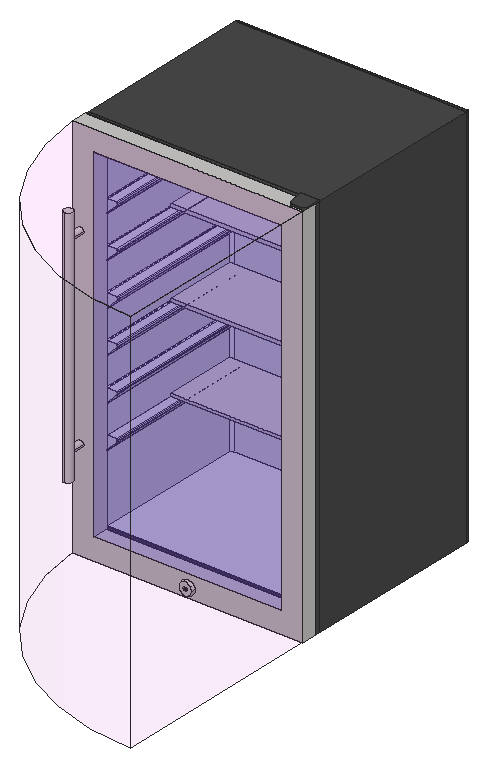
Revit family "Qf_Summit_SPR488BOSADA_Shallow Depth Indoor_Outdoor Beverage Cooler_ADA Compliant", category Specialty Equipment, Revit 2020
Family settings
  Round Connector Dimension = Use Diameter
  Part Type = Normal
  Work Plane-Based = No
  Always vertical = Yes
  Cut with Voids When Loaded = No
  Shared = No
  Room Calculation Point = No
Parameters
  Weight in Pounds = 70
  Watts = 0 W
  Volts = 115 V
  URL Cutsheet = ""
  Specification by User = ""
  Specification by Manufacturer = ""
  Show Clearance [instance] = yes
  Serial Number = ""
  Seismic Rating = ""
  SMACNA No = ""
  Revision Code = ""
  Refrigerant Volume = 0.00 kip
  Refrigerant Type = "R600a"
  Phase = 1
  Number of Poles = 1
  NAFEM Spec ID Number = ""
  Model = "SPR488BOSADA"
  Min Ckt Ampacity = 0 A
  Max Overcurrent Protection = 0 A
  Masterspec = ""
  Manufacturer = "Summit"
  Length = 19"
  Item Number = ""
  Installed By = ""
  Identify Quantity as Lot = yes
  Height = 32 3/8"
  HP = ""
  Furnished By = ""
  Foodservice Equipment Identifier = yes
  FL Amps = 1.3 A
  Electrical Remarks = ""
  Electric Connection Type = ""
  Elec Conn RI Height = 0"
  Elec Conn Connection Height = 0"
  Description = "Shallow Depth Indoor/Outdoor Beverage Cooler, ADA Compliant"
  Depth = 17"
  Default Elevation = 0"
  Cycle = 60 Hz
  Conn Plug = ""
  Conn Conduit = yes
  CSI MasterFormat = ""
  Apparent Power = if(Phase = 3, Volts * FL Amps * 1.73, Volts * FL Amps)  # 149.5 VA
Reference planes (in)
  plane 1: z = 0
  plane 2 "LEFT": x = 0
  plane 3 "RIGHT": x = 19
  plane 4 "FRONT": y = -17.75
  plane 5 "TOP": z = 32.375
  plane 6 "Center Y": x = 9.5
  plane 7 "Center X": y = -9.25
  plane 8 "BACK": y = -0.75
  plane 9: y = -19.375
  plane 10: y = -16.125
  plane 11: y = -16.41209
  plane 12: z = 0.5
  plane 13: y = -0.9375
  plane 14: y = -35.49996
  plane 15: z = 32.5
Forms (in)
  Extrusion 1, solid
    sketch origin (22.25, -2.96287, 24.25) x (0, 1, 0) y (-1, 0, 0)
      loop
        line (2.02537, 22.25) -> (-13.16213, 22.25) -> (-13.16213, 3.25) -> (2.02537, 3.25) -> (2.02537, 22.25)
    from -23.75 to 8.125
  Extrusion 2, solid, material "QF_Plastic - Black - Matte"
    sketch origin (22.25, -2.96287, 24.25) x (0, 1, 0) y (-1, 0, 0)
      loop
        line (-13.16213, 22.25) -> (-13.44922, 22.25) -> (-13.44922, 3.25) -> (-13.16213, 3.25) -> (-13.16213, 22.25)
    from -23.75 to 8.125
  Extrusion 3, solid, material "QF_Plastic - Black - Matte"
    sketch origin (22.25, -2.96287, 24.25) x (0, 1, 0) y (-1, 0, 0)
      loop
        line (-13.16213, 4.75) -> (-14.45256, 4.53435)
        arc (-14.45256, 4.53435) -> (-14.60267, 4.44949) -> (-14.66213, 4.28764) r 0.25
        line (-14.66213, 4.28764) -> (-14.66213, 3.5)
        arc (-14.66213, 3.5) -> (-14.58891, 3.32322) -> (-14.41213, 3.25) r 0.25
        line (-14.41213, 3.25) -> (-13.16213, 3.25) -> (-13.16213, 4.75)
    from 8.125 to 8.25
  Extrusion 4, solid
    sketch origin (22.25, -2.96287, 24.25) x (0, 1, 0) y (-1, 0, 0)
      loop
        line (2.02537, 3.25) -> (2.11287, 3.25)
        arc (2.11287, 3.25) -> (2.18358, 3.27929) -> (2.21287, 3.35) r 0.1
        line (2.21287, 3.35) -> (2.21287, 22.15)
        arc (2.21287, 22.15) -> (2.18358, 22.22071) -> (2.11287, 22.25) r 0.1
        line (2.11287, 22.25) -> (2.02537, 22.25) -> (2.02537, 3.25)
    from -23.75 to 8.125
  Extrusion 5, void
    sketch origin (22.25, -2.96287, 24.25) x (0, 1, 0) y (-1, 0, 0)
      loop
        line (-13.44922, 4.75) -> (-0.59963, 4.75)
        arc (-0.59963, 4.75) -> (-0.42285, 4.82322) -> (-0.34963, 5) r 0.25
        line (-0.34963, 5) -> (-0.34963, 20.5)
        arc (-0.34963, 20.5) -> (-0.42285, 20.67678) -> (-0.59963, 20.75) r 0.25
        line (-0.59963, 20.75) -> (-13.44922, 20.75) -> (-13.44922, 4.75)
    from -22 to 6.5
  Extrusion 6, solid, material "QF_Metal_Stainless_Polished"
    sketch origin (-74.8943, -16.41209, 32) x (1, 0, 0) y (0, 0, 1)
      loop
        line (74.8943, 0.375) -> (74.8943, -31.5) -> (93.8943, -31.5) -> (93.8943, 0.375) -> (74.8943, 0.375)
      loop
        line (76.6443, -1.25) -> (76.6443, -29.75) -> (92.1443, -29.75) -> (92.1443, -1.25) -> (76.6443, -1.25)
    from 0 to 1.33791
  Extrusion 7, solid, material "Glass"
    sketch origin (-74.8943, -16.41209, 32) x (1, 0, 0) y (0, 0, 1)
      loop
        line (76.6425, -29.75) -> (92.14969, -29.75) -> (92.14969, -1.25) -> (76.6425, -1.25) -> (76.6425, -29.75)
    from 0 to 1.33791
  Extrusion 8, solid, material "QF_Metal_Stainless_Polished"
    sketch origin (22.25, -2.96287, 24.25) x (0, 1, 0) y (-1, 0, 0)
      loop
        circle (-16.03713, 21.625) r 0.375
    from -17.625 to 2.25
  Extrusion 9, solid, material "QF_Metal_Stainless_Polished"
    sketch origin (0.0625, -20.49491, 32) x (1, 0, 0) y (0, 0, 1)
      loop
        circle (0.56167, -7.5) r 0.25
      loop
        circle (0.56167, -23.25) r 0.25
    from -1.55741 to -2.74491
  Extrusion 10, solid, material "QF_Metal_Stainless_Polished"
    sketch origin (0, 0, 0) x (1, 0, 0) y (0, 1, 0)
      loop
        line (1.5, -9.59375) -> (17.5, -9.59375) -> (17.5, -3.5625) -> (1.5, -3.5625) -> (1.5, -9.59375)
    from 16 to 16.25
  Blend 11, solid, material "QF_Metal_Stainless_Polished"
    base sketch origin (-74.8943, -17.75, 32) x (1, 0, 0) y (0, 0, 1)
      loop
        circle (84.3943, -30.75) r 0.5625
    top sketch origin (-74.8943, -17.75, 32) x (1, 0, 0) y (0, 0, 1)
      loop
        circle (84.3943, -30.75) r 0.5
    from 0 to 0.25369
  Extrusion 12, void
    sketch origin (-74.8943, -18.00369, 32) x (-1, 0, 0) y (0, 0, 1)
      loop
        circle (-84.3943, -30.75) r 0.1875
      loop
        circle (-84.3943, -30.75) r 0.0625
    from 0 to 0.25369
  Extrusion 13, solid
    sketch origin (-74.8943, -18.00369, 32) x (1, 0, 0) y (0, 0, 1)
      loop
        arc (91.51513, -9.18489) -> (91.52465, -9.23273) -> (91.55174, -9.27328) r 0.125
        line (91.55174, -9.27328) -> (92.35352, -10.07506)
        arc (92.35352, -10.07506) -> (92.38062, -10.11561) -> (92.39013, -10.16344) r 0.125
        line (92.39013, -10.16344) -> (92.39013, -8.9375)
        arc (92.39013, -8.9375) -> (92.37182, -8.98169) -> (92.32763, -9) r 0.0625
        line (92.32763, -9) -> (91.57763, -9)
        arc (91.57763, -9) -> (91.53344, -9.01831) -> (91.51513, -9.0625) r 0.0625
        line (91.51513, -9.0625) -> (91.51513, -9.18489)
      loop
        arc (91.51096, -12.68489) -> (91.52048, -12.73273) -> (91.54758, -12.77328) r 0.125
        line (91.54758, -12.77328) -> (92.34935, -13.57506)
        arc (92.34935, -13.57506) -> (92.37645, -13.61561) -> (92.38596, -13.66344) r 0.125
        line (92.38596, -13.66344) -> (92.38596, -12.4375)
        arc (92.38596, -12.4375) -> (92.36766, -12.48169) -> (92.32346, -12.5) r 0.0625
        line (92.32346, -12.5) -> (91.57346, -12.5)
        arc (91.57346, -12.5) -> (91.52927, -12.51831) -> (91.51096, -12.5625) r 0.0625
        line (91.51096, -12.5625) -> (91.51096, -12.68489)
      loop
        arc (91.51096, -16.18489) -> (91.52048, -16.23273) -> (91.54758, -16.27328) r 0.125
        line (91.54758, -16.27328) -> (92.34935, -17.07506)
        arc (92.34935, -17.07506) -> (92.37645, -17.11561) -> (92.38596, -17.16344) r 0.125
        line (92.38596, -17.16344) -> (92.38596, -15.9375)
        arc (92.38596, -15.9375) -> (92.36766, -15.98169) -> (92.32346, -16) r 0.0625
        line (92.32346, -16) -> (91.57346, -16)
        arc (91.57346, -16) -> (91.52927, -16.01831) -> (91.51096, -16.0625) r 0.0625
        line (91.51096, -16.0625) -> (91.51096, -16.18489)
      loop
        arc (91.5068, -19.68489) -> (91.51631, -19.73273) -> (91.54341, -19.77328) r 0.125
        line (91.54341, -19.77328) -> (92.34519, -20.57506)
        arc (92.34519, -20.57506) -> (92.37228, -20.61561) -> (92.3818, -20.66344) r 0.125
        line (92.3818, -20.66344) -> (92.3818, -19.4375)
        arc (92.3818, -19.4375) -> (92.36349, -19.48169) -> (92.3193, -19.5) r 0.0625
        line (92.3193, -19.5) -> (91.5693, -19.5)
        arc (91.5693, -19.5) -> (91.5251, -19.51831) -> (91.5068, -19.5625) r 0.0625
        line (91.5068, -19.5625) -> (91.5068, -19.68489)
      loop
        arc (91.52324, -23.18489) -> (91.53275, -23.23273) -> (91.55985, -23.27328) r 0.125
        line (91.55985, -23.27328) -> (92.36162, -24.07506)
        arc (92.36162, -24.07506) -> (92.38872, -24.11561) -> (92.39824, -24.16344) r 0.125
        line (92.39824, -24.16344) -> (92.39824, -22.9375)
        arc (92.39824, -22.9375) -> (92.37993, -22.98169) -> (92.33574, -23) r 0.0625
        line (92.33574, -23) -> (91.58574, -23)
        arc (91.58574, -23) -> (91.54154, -23.01831) -> (91.52324, -23.0625) r 0.0625
        line (91.52324, -23.0625) -> (91.52324, -23.18489)
      loop
        arc (91.51513, -5.68489) -> (91.52465, -5.73273) -> (91.55174, -5.77328) r 0.125
        line (91.55174, -5.77328) -> (92.35352, -6.57506)
        arc (92.35352, -6.57506) -> (92.38062, -6.61561) -> (92.39013, -6.66344) r 0.125
        line (92.39013, -6.66344) -> (92.39013, -5.4375)
        arc (92.39013, -5.4375) -> (92.37182, -5.48169) -> (92.32763, -5.5) r 0.0625
        line (92.32763, -5.5) -> (91.57763, -5.5)
        arc (91.57763, -5.5) -> (91.53344, -5.51831) -> (91.51513, -5.5625) r 0.0625
        line (91.51513, -5.5625) -> (91.51513, -5.68489)
      loop
        line (77.27346, -9.18489) -> (77.27346, -9.0625)
        arc (77.27346, -9.0625) -> (77.25516, -9.01831) -> (77.21096, -9) r 0.0625
        line (77.21096, -9) -> (76.46096, -9)
        arc (76.46096, -9) -> (76.41677, -8.98169) -> (76.39846, -8.9375) r 0.0625
        line (76.39846, -8.9375) -> (76.39846, -10.16344)
        arc (76.39846, -10.16344) -> (76.40798, -10.11561) -> (76.43508, -10.07506) r 0.125
        line (76.43508, -10.07506) -> (77.23685, -9.27328)
        arc (77.23685, -9.27328) -> (77.26395, -9.23273) -> (77.27346, -9.18489) r 0.125
      loop
        line (77.27763, -12.68489) -> (77.27763, -12.5625)
        arc (77.27763, -12.5625) -> (77.25932, -12.51831) -> (77.21513, -12.5) r 0.0625
        line (77.21513, -12.5) -> (76.46513, -12.5)
        arc (76.46513, -12.5) -> (76.42094, -12.48169) -> (76.40263, -12.4375) r 0.0625
        line (76.40263, -12.4375) -> (76.40263, -13.66344)
        arc (76.40263, -13.66344) -> (76.41215, -13.61561) -> (76.43924, -13.57506) r 0.125
        line (76.43924, -13.57506) -> (77.24102, -12.77328)
        arc (77.24102, -12.77328) -> (77.26812, -12.73273) -> (77.27763, -12.68489) r 0.125
      loop
        line (77.27763, -16.18489) -> (77.27763, -16.0625)
        arc (77.27763, -16.0625) -> (77.25932, -16.01831) -> (77.21513, -16) r 0.0625
        line (77.21513, -16) -> (76.46513, -16)
        arc (76.46513, -16) -> (76.42094, -15.98169) -> (76.40263, -15.9375) r 0.0625
        line (76.40263, -15.9375) -> (76.40263, -17.16344)
        arc (76.40263, -17.16344) -> (76.41215, -17.11561) -> (76.43924, -17.07506) r 0.125
        line (76.43924, -17.07506) -> (77.24102, -16.27328)
        arc (77.24102, -16.27328) -> (77.26812, -16.23273) -> (77.27763, -16.18489) r 0.125
      loop
        line (77.2818, -19.68489) -> (77.2818, -19.5625)
        arc (77.2818, -19.5625) -> (77.26349, -19.51831) -> (77.2193, -19.5) r 0.0625
        line (77.2193, -19.5) -> (76.4693, -19.5)
        arc (76.4693, -19.5) -> (76.4251, -19.48169) -> (76.4068, -19.4375) r 0.0625
        line (76.4068, -19.4375) -> (76.4068, -20.66344)
        arc (76.4068, -20.66344) -> (76.41631, -20.61561) -> (76.44341, -20.57506) r 0.125
        line (76.44341, -20.57506) -> (77.24519, -19.77328)
        arc (77.24519, -19.77328) -> (77.27228, -19.73273) -> (77.2818, -19.68489) r 0.125
      loop
        line (77.26536, -23.18489) -> (77.26536, -23.0625)
        arc (77.26536, -23.0625) -> (77.24705, -23.01831) -> (77.20286, -23) r 0.0625
        line (77.20286, -23) -> (76.45286, -23)
        arc (76.45286, -23) -> (76.40866, -22.98169) -> (76.39036, -22.9375) r 0.0625
        line (76.39036, -22.9375) -> (76.39036, -24.16344)
        arc (76.39036, -24.16344) -> (76.39987, -24.11561) -> (76.42697, -24.07506) r 0.125
        line (76.42697, -24.07506) -> (77.22875, -23.27328)
        arc (77.22875, -23.27328) -> (77.25584, -23.23273) -> (77.26536, -23.18489) r 0.125
      loop
        line (77.27346, -5.68489) -> (77.27346, -5.5625)
        arc (77.27346, -5.5625) -> (77.25516, -5.51831) -> (77.21096, -5.5) r 0.0625
        line (77.21096, -5.5) -> (76.46096, -5.5)
        arc (76.46096, -5.5) -> (76.41677, -5.48169) -> (76.39846, -5.4375) r 0.0625
        line (76.39846, -5.4375) -> (76.39846, -6.66344)
        arc (76.39846, -6.66344) -> (76.40798, -6.61561) -> (76.43508, -6.57506) r 0.125
        line (76.43508, -6.57506) -> (77.23685, -5.77328)
        arc (77.23685, -5.77328) -> (77.26395, -5.73273) -> (77.27346, -5.68489) r 0.125
    from -1.87869 to -14.69119
  Extrusion 14, solid, material "QF_Metal_Stainless_Polished"
    sketch origin (0, 0, 7) x (1, 0, 0) y (0, 1, 0)
      loop
        line (1.5, -9.59375) -> (17.5, -9.59375) -> (17.5, -3.5625) -> (1.5, -3.5625) -> (1.5, -9.59375)
    from 16 to 16.25
  Extrusion 15, solid, material "QF_Metal_Stainless_Polished"
    sketch origin (0, 0, -7) x (1, 0, 0) y (0, 1, 0)
      loop
        line (1.5, -9.59375) -> (17.5, -9.59375) -> (17.5, -3.5625) -> (1.5, -3.5625) -> (1.5, -9.59375)
    from 16 to 16.25
  Extrusion 16, solid
    sketch origin (23.88, 0, 0) x (0, 1, 0) y (0, 0, 1)
      loop
        line (-12.25, 30) -> (-5.81931, 28.75) -> (-3.3125, 28.75) -> (-3.3125, 30.75) -> (-12.25, 30.75) -> (-12.25, 30)
    from -19.63 to -9.13
  Revolve 17, solid, material "QF_Plastic - Black - Matte"
    sketch origin (-74.8943, -14.85392, 32) x (1, 0, 0) y (0, 0, 1)
      loop
        line (76.73805, -31.625) -> (76.73805, -31.5) -> (76.4568, -31.5) -> (76.4568, -32) -> (77.19926, -32) -> (77.19926, -31.625) -> (76.73805, -31.625)
      axis (76.4568, -32) -> (76.4568, -31.5)
    angle from 0 to 360
  Revolve 18, solid, material "QF_Plastic - Black - Matte"
    sketch origin (93.8943, -14.85392, 32) x (-1, 0, 0) y (0, 0, -1)
      loop
        line (76.73805, 31.625) -> (77.19926, 31.625) -> (77.19926, 32) -> (76.4568, 32) -> (76.4568, 31.5) -> (76.73805, 31.5) -> (76.73805, 31.625)
      axis (76.4568, 32) -> (76.4568, 31.5)
    angle from 0 to 360
  Revolve 19, solid, material "QF_Plastic - Black - Matte"
    sketch origin (-74.8943, -2.04142, 32) x (1, 0, 0) y (0, 0, 1)
      loop
        line (76.73805, -31.625) -> (76.73805, -31.5) -> (76.4568, -31.5) -> (76.4568, -32) -> (77.19926, -32) -> (77.19926, -31.625) -> (76.73805, -31.625)
      axis (76.4568, -32) -> (76.4568, -31.5)
    angle from 0 to 360
  Revolve 20, solid, material "QF_Plastic - Black - Matte"
    sketch origin (93.8943, -2.04142, 32) x (-1, 0, 0) y (0, 0, -1)
      loop
        line (76.73805, 31.625) -> (77.19926, 31.625) -> (77.19926, 32) -> (76.4568, 32) -> (76.4568, 31.5) -> (76.73805, 31.5) -> (76.73805, 31.625)
      axis (76.4568, 32) -> (76.4568, 31.5)
    angle from 0 to 360
  Extrusion 21, solid, material "QF_Metal_Stainless_Polished"
    sketch origin (0, -0.75, 0) x (1, 0, 0) y (0, 0, 1)
      loop
        circle (16, 1.41109) r 0.25
    from 0.24762 to 0
  Extrusion 22, solid, material "QF_Clearances_Door_Drawer"
    sketch origin (0, 0, 0) x (1, 0, 0) y (0, 1, 0)
      loop
        arc (0.00402, -17.75) -> (5.99085, -30.38262) -> (19, -35.49996) r 19
        line (19, -35.49996) -> (19, -17.75) -> (0.00402, -17.75)
    from 0.5 to 32.375
Cuts and joins
  Extrusion 5 cuts Extrusion 1
  joined: Extrusion 1, Extrusion 16
  Extrusion 5 cuts Extrusion 2
  Extrusion 12 cuts Extrusion 6
  Extrusion 12 cuts Blend 11
Lines and regions (in)
  symbolic lines, style "QF_Clearances_Door_Drawer"
    curve 1: line (17.5, -16.125, 0) -> (17.71565, -17.41543, 0)
    curve 2: arc (17.71565, -17.41543, 0) -> (17.80051, -17.56554, 0) -> (17.96236, -17.625, 0) r 0.25
    curve 3: line (17.96236, -17.625, 0) -> (18.75, -17.625, 0)
    curve 4: arc (18.75, -17.625, 0) -> (18.92678, -17.55178, 0) -> (19, -17.375, 0) r 0.25
    curve 5: line (19, -17.375, 0) -> (19, -16.125, 0)
    curve 6: line (19, -16.125, 0) -> (17.5, -16.125, 0)
    curve 24: arc (0, -17.75, 0) -> (0.93118, -22.55073, 0) -> (3.05686, -26.95478, 0) r 19
    curve 25: line (3.05686, -26.95478, 0) -> (19, -17.75, 0)
  symbolic lines, style "SpecialityEquipment"
    curve 7: arc (0.35, -0.75, 0) -> (0.27929, -0.77929, 0) -> (0.25, -0.85, 0) r 0.1
    curve 8: line (0.25, -0.85, 0) -> (0.25, -0.9375, 0)
    curve 9: line (18.875, -0.9375, 0) -> (18.875, -0.85, 0)
    curve 10: arc (18.875, -0.85, 0) -> (18.84571, -0.77929, 0) -> (18.775, -0.75, 0) r 0.1
    curve 11: line (18.775, -0.75, 0) -> (0.35, -0.75, 0)
    curve 12: line (0, -0.9375, 0) -> (0, -16.125, 0)
    curve 13: line (0, -16.125, 0) -> (19, -16.125, 0)
    curve 14: line (19, -16.125, 0) -> (19, -0.9375, 0)
    curve 15: line (19, -0.9375, 0) -> (0, -0.9375, 0)
  symbolic lines
    curve 16: line (0, -16.41209, 0) -> (0, -17.75, 0)
    curve 17: line (0, -17.75, 0) -> (19, -17.75, 0)
    curve 18: line (19, -17.75, 0) -> (19, -16.41209, 0)
    curve 19: line (17.54798, -16.41209, 0) -> (0, -16.41209, 0)
    curve 20: circle (0.625, -19, 0) r 0.375 normal (0, 0, 1)
    curve 21: line (0.8734, -17.75, 0) -> (0.8734, -18.71907, 0)
    curve 22: line (0.37399, -17.75, 0) -> (0.37399, -18.7214, 0)
    curve 23: line (0.125, -16.125, 0) -> (0.125, -16.41209, 0)
Dimensions and locks (in)
  equal spacing: plane 2 "LEFT", plane 6 "Center Y", plane 3 "RIGHT"
  "Length": plane 2 "LEFT" to plane 3 "RIGHT"
  equal spacing: plane 4 "FRONT", plane 7 "Center X", plane 8 "BACK"
  "Height": plane 5 "TOP" to level
  plane 3 "RIGHT" to plane 2 "LEFT" = 19"
  plane 5 "TOP" to level = 32 3/8"  (x2)
  "Depth": plane 4 "FRONT" to plane 8 "BACK"
  Extrusion 8 to Extrusion 8 = 19 7/8"
  plane 12 to level = 1/2"
  plane 14 to plane 8 "BACK" = 34.74996"
  plane 10 to plane 8 "BACK" = 15 3/8"
  plane 9 to plane 4 "FRONT" = 1 5/8"
  plane 15 to level = 32 1/2"
  aligned and locked: level to plane 1
  aligned and locked: plane 4 "FRONT" to Extrusion 6
  aligned and locked: plane 4 "FRONT" to Extrusion 7
  aligned and locked: plane 12 to cut or joined group of Extrusion 1, Extrusion 5, Extrusion 16
  aligned and locked: plane 12 to cut or joined group of Extrusion 2, Extrusion 5
  aligned and locked: plane 5 "TOP" to cut or joined group of Extrusion 2, Extrusion 5
  aligned and locked: plane 5 "TOP" to cut or joined group of Extrusion 1, Extrusion 5, Extrusion 16
  aligned and locked: Extrusion 9 to plane 4 "FRONT"
  aligned and locked: Extrusion 12 to plane 4 "FRONT"
  aligned and locked: Extrusion 1 to cut or joined group of Extrusion 2, Extrusion 5
  aligned and locked: Extrusion 6 to cut or joined group of Extrusion 1, Extrusion 5, Extrusion 16
  aligned and locked: cut or joined group of Extrusion 1, Extrusion 5, Extrusion 16 to plane 13
  aligned and locked: cut or joined group of Extrusion 1, Extrusion 5, Extrusion 16 to plane 3 "RIGHT"
  aligned and locked: plane 15 to Extrusion 3
  aligned and locked: Extrusion 22 to cut or joined group of Extrusion 6, Extrusion 12
Automatic sketch dimensions
  Extrusion 1 sketch curve to plane 2 "LEFT" = 0"
  plane 10 to Extrusion 1 sketch curve = 0"
  plane 3 "RIGHT" to Extrusion 1 sketch curve = 0"
  plane 8 "BACK" to Extrusion 1 sketch curve = 3/16"
  plane 11 to Extrusion 2 sketch curve = 0"
  plane 10 to Extrusion 2 sketch curve = 0"
  plane 3 "RIGHT" to Extrusion 2 sketch curve = 0"
  plane 2 "LEFT" to Extrusion 2 sketch curve = 0"
  Extrusion 3 sketch curve to plane 3 "RIGHT" = 0"
  plane 10 to Extrusion 3 sketch curve = 0"
  Extrusion 3 sketch curve to plane 4 "FRONT" = 3/8"  (x2)
  Extrusion 3 sketch curve to Extrusion 3 sketch curve = 0.04043"
  Extrusion 3 sketch curve to plane 4 "FRONT" = 1/8"
  Extrusion 3 sketch curve to Extrusion 3 sketch curve = 0.78764"
  Extrusion 3 sketch curve to Extrusion 3 sketch curve = 0.21565"
  plane 8 "BACK" to Extrusion 4 sketch curve = 0"
  plane 8 "BACK" to Extrusion 4 sketch curve = 0.1"
  Extrusion 4 sketch curve to Extrusion 4 sketch curve = 0.1"
  Extrusion 4 sketch curve to Extrusion 4 sketch curve = 0.0875"
  plane 3 "RIGHT" to Extrusion 4 sketch curve = 0"
  plane 2 "LEFT" to Extrusion 4 sketch curve = 0.1"
  plane 11 to Extrusion 5 sketch curve = 0"
  plane 8 "BACK" to Extrusion 5 sketch curve = 2 13/16"  (x2)
  Extrusion 5 sketch curve to Extrusion 5 sketch curve = 1/4"
  plane 3 "RIGHT" to Extrusion 5 sketch curve = 1 1/2"
  plane 2 "LEFT" to Extrusion 5 sketch curve = 1 3/4"
  Extrusion 6 sketch curve to plane 2 "LEFT" = 0"
  plane 3 "RIGHT" to Extrusion 6 sketch curve = 0"
  Extrusion 6 sketch curve to plane 12 = 0"
  Extrusion 6 sketch curve to plane 5 "TOP" = 0"
  plane 2 "LEFT" to Extrusion 6 sketch curve = 1 3/4"
  plane 3 "RIGHT" to Extrusion 6 sketch curve = 1 3/4"
  Extrusion 6 sketch curve to plane 12 = 1 3/4"
  plane 2 "LEFT" to Extrusion 7 sketch curve = 1.7482"
  plane 3 "RIGHT" to Extrusion 7 sketch curve = 1.7446"
  Extrusion 7 sketch curve to plane 12 = 1 3/4"
  Extrusion 8 sketch curve to plane 9 = 3/8"
  plane 2 "LEFT" to Extrusion 8 sketch curve = 5/8"
  plane 2 "LEFT" to Extrusion 9 sketch curve = 0.62417"  (x2)
  Extrusion 9 sketch curve to plane 12 = 8 1/4"
  plane 2 "LEFT" to Extrusion 10 sketch curve = 1 1/2"
  plane 3 "RIGHT" to Extrusion 10 sketch curve = 1 1/2"
  Extrusion 10 sketch curve to plane 7 "Center X" = 11/32"
  plane 8 "BACK" to Extrusion 10 sketch curve = 2 13/16"
  Blend 11 sketch curve to Extrusion 6 = 3/4"  (x2)
  Extrusion 6 to Blend 11 sketch curve = 7 3/4"  (x2)
  Extrusion 13 sketch curve to Extrusion 13 sketch curve = 0.00811"
  Extrusion 13 sketch curve to Extrusion 13 sketch curve = 0"  (x16)
  Extrusion 13 sketch curve to Extrusion 13 sketch curve = 0.00417"  (x4)
  Extrusion 13 sketch curve to Extrusion 13 sketch curve = 0.01644"  (x2)
  Extrusion 13 sketch curve to Extrusion 13 sketch curve = 0.03661"  (x14)
  Extrusion 13 sketch curve to Extrusion 13 sketch curve = 1/16"  (x28)
  Extrusion 13 sketch curve to Extrusion 13 sketch curve = 1/8"  (x9)
  Extrusion 13 sketch curve to Extrusion 13 sketch curve = 0.08839"  (x15)
  Extrusion 13 sketch curve to Extrusion 13 sketch curve = 11/16"  (x12)
  Extrusion 13 sketch curve to Extrusion 13 sketch curve = 14.225"
  Extrusion 13 sketch curve to Extrusion 13 sketch curve = 0.71339"  (x6)
  Extrusion 13 sketch curve to Extrusion 13 sketch curve = 0.80178"  (x12)
  Extrusion 13 sketch curve to Extrusion 13 sketch curve = 0.12239"  (x12)
  Extrusion 13 sketch curve to Extrusion 13 sketch curve = 2.27406"  (x10)
  plane 2 "LEFT" to Extrusion 14 sketch curve = 1 1/2"
  plane 3 "RIGHT" to Extrusion 14 sketch curve = 1 1/2"
  Extrusion 14 sketch curve to plane 7 "Center X" = 11/32"
  plane 8 "BACK" to Extrusion 14 sketch curve = 2 13/16"
  plane 2 "LEFT" to Extrusion 15 sketch curve = 1 1/2"
  plane 3 "RIGHT" to Extrusion 15 sketch curve = 1 1/2"
  Extrusion 15 sketch curve to plane 7 "Center X" = 11/32"
  plane 8 "BACK" to Extrusion 15 sketch curve = 2 13/16"
  Revolve 17 sketch curve to plane 12 = 0"  (x2)
  Revolve 17 sketch curve to level = 0"
  plane 2 "LEFT" to Revolve 17 sketch curve = 1 9/16"
  plane 12 to Revolve 17 sketch curve = 1/8"
  Revolve 17 sketch curve to Revolve 17 sketch curve = 9/32"
  Revolve 17 sketch curve to Revolve 17 sketch curve = 0.46121"
  Revolve 17 sketch curve to Revolve 17 sketch curve = 0"
  Revolve 17 sketch curve to plane 12 = 1/4"
  Revolve 18 sketch curve to plane 12 = 0"  (x2)
  Revolve 18 sketch curve to level = 0"
  plane 3 "RIGHT" to Revolve 18 sketch curve = 1 9/16"
  plane 12 to Revolve 18 sketch curve = 1/8"
  Revolve 18 sketch curve to Revolve 18 sketch curve = 9/32"
  Revolve 18 sketch curve to Revolve 18 sketch curve = 0.46121"
  Revolve 18 sketch curve to Revolve 18 sketch curve = 0"
  Revolve 18 sketch curve to plane 12 = 1/4"
  Revolve 19 sketch curve to plane 12 = 0"  (x2)
  Revolve 19 sketch curve to level = 0"
  plane 2 "LEFT" to Revolve 19 sketch curve = 1 9/16"
  plane 12 to Revolve 19 sketch curve = 1/8"
  Revolve 19 sketch curve to Revolve 19 sketch curve = 9/32"
  Revolve 19 sketch curve to Revolve 19 sketch curve = 0.46121"
  Revolve 19 sketch curve to Revolve 19 sketch curve = 0"
  Revolve 19 sketch curve to plane 12 = 1/4"
  Revolve 20 sketch curve to plane 12 = 0"  (x2)
  Revolve 20 sketch curve to level = 0"
  plane 3 "RIGHT" to Revolve 20 sketch curve = 1 9/16"
  plane 12 to Revolve 20 sketch curve = 1/8"
  Revolve 20 sketch curve to Revolve 20 sketch curve = 9/32"
  Revolve 20 sketch curve to Revolve 20 sketch curve = 0.46121"
  Revolve 20 sketch curve to Revolve 20 sketch curve = 0"
  Revolve 20 sketch curve to plane 12 = 1/4"
  Extrusion 16 sketch curve to plane 7 "Center X" = 3"
  plane 8 "BACK" to Extrusion 16 sketch curve = 2 9/16"
  Extrusion 16 sketch curve to Extrusion 16 sketch curve = 3/4"
  plane 7 "Center X" to Extrusion 16 sketch curve = 3.43069"
  Extrusion 6 sketch curve to plane 5 "TOP" = 1 5/8"
  Extrusion 7 sketch curve to plane 5 "TOP" = 1 5/8"
  Extrusion 9 sketch curve to plane 5 "TOP" = 7 7/8"
  Extrusion 16 sketch curve to plane 5 "TOP" = 3 5/8"
  Extrusion 16 sketch curve to plane 5 "TOP" = 2 3/8"
  Extrusion 21 sketch curve to plane 12 = 0.91109"
  plane 3 "RIGHT" to Extrusion 21 sketch curve = 3"
  plane 2 "LEFT" to Extrusion 22 sketch curve = 0.00402"
  Extrusion 22 sketch curve to plane 3 "RIGHT" = 0"
  plane 4 "FRONT" to Extrusion 22 sketch curve = 0"
  curve 12 to plane 2 "LEFT" = 0"
  curve 24 to plane 2 "LEFT" = 0"
  plane 11 to curve 23 = 0"
  plane 10 to curve 23 = 0"
  plane 13 to curve 8 = 0"
  plane 8 "BACK" to curve 7 = 0"
  plane 4 "FRONT" to curve 22 = 0"
  curve 5 to plane 3 "RIGHT" = 0"
  curve 18 to plane 3 "RIGHT" = 0"
  plane 11 to curve 18 = 0"
  curve 8 to plane 13 = 0.0875"
  plane 2 "LEFT" to curve 8 = 1/4"
  plane 2 "LEFT" to curve 20 = 5/8"
  plane 3 "RIGHT" to curve 1 = 1 1/2"
  curve 1 to plane 4 "FRONT" = 0.33457"
  plane 3 "RIGHT" to curve 1 = 1.28435"
  curve 1 to curve 2 = 0.24671"
  curve 3 to plane 4 "FRONT" = 1/8"
  plane 3 "RIGHT" to curve 3 = 1/4"
  curve 10 to plane 13 = 0.0875"
  plane 3 "RIGHT" to curve 10 = 0.225"
  plane 3 "RIGHT" to curve 24 = 0.03715"
  curve 20 to plane 9 = 3/8"
  plane 11 to curve 24 = 0.15041"
  plane 2 "LEFT" to curve 25 = 3.05686"
  plane 2 "LEFT" to curve 23 = 1/8"
  curve 24 to curve 22 = 0.37399"
  curve 22 to curve 21 = 0.49941"
  curve 1 to curve 19 = 0.04798"
  curve 20 to curve 21 = 0.28093"
  radius of Extrusion 8 sketch curve = 3/8"
  radius of Extrusion 9 sketch curve = 1/4"  (x2)
  radius of Blend 11 sketch curve = 9/16"
  radius of Blend 11 sketch curve = 1/2"
  radius of Extrusion 12 sketch curve to Blend 11 = 5/16"
  radius of Extrusion 12 sketch curve to Blend 11 = 7/16"
  radius of Extrusion 21 sketch curve = 1/4"
Connectors (in)
  electrical at (16, -0.75, 1.41109), driven by "Volts", driven by "Apparent Power"
    settings: on Extrusion 21, index 1, voltage 115 V, apparent load 149.5 VA, apparent load phase1 0 VA, apparent load phase2 0 VA, apparent load phase3 0 VA, power factor 1, load classification "Other", number of poles 1, system type 30, power factor state 1, is connector primary yes, connector utility no, sub classification motor no, connector description "Electrical Inlet"
